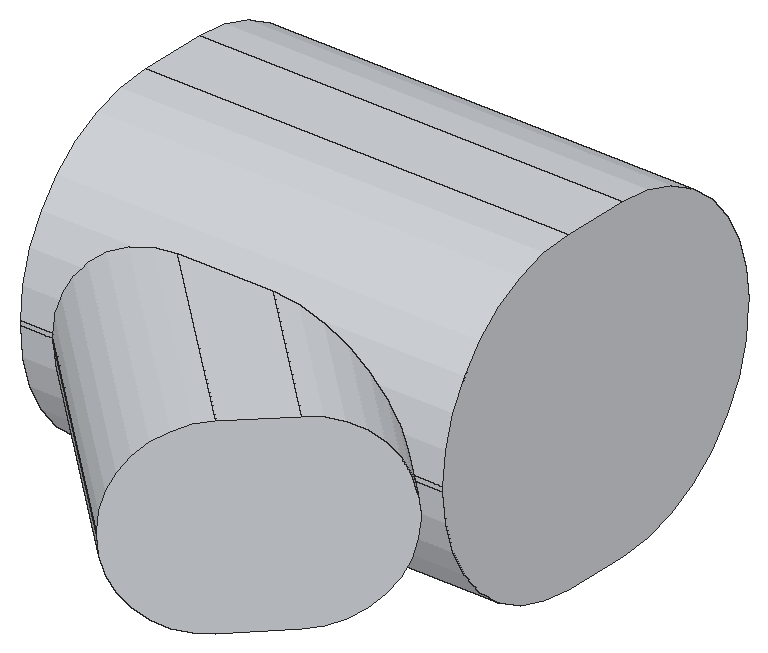
Revit family "椭圆形 T 形三通 - 倾斜", category 风管管件, Revit 2020
Family settings
  圆形连接件大小 = 使用直径
  零件类型 = 斜 T 形三通
  OmniClass 编号 = 23.75.70.14
  OmniClass 标题 = Air Ductwork
  Seek 项目 ID = Oval Tee - Lateral-0000-CAN-ENU
  基于工作平面 = 否
  总是垂直 = 是
  加载时剪切的空心 = 否
  共享 = 否
Parameters (values of type "标准")
  默认高程 = 0 mm
  宽度 2 [instance] = if(角度 1 > 90.00°, 2 * 风管宽度 1, 12 mm)  # 12 mm
  宽度 1 [instance] = if(角度 1 < 90.00°, 2 * 风管宽度 1, 12 mm)  # 600 mm
  长度 7 [instance] = abs(风管长度 1 - 风管长度 2 - 0.5 * 风管宽度 3 * sin(角度 2)) + 长度 6  # 66.289 mm
  长度 6 [instance] = 12 mm
  长度 5 [instance] = 风管长度 3 * sin(角度 1)  # 256.066 mm
  长度 4 [instance] = 长度 1 - 风管长度 3 * cos(角度 1)  # 2743.934 mm
  长度 3 [instance] = if(角度 1 < 90.00°, (长度 1 - 风管长度 2 + 风管长度 1), (长度 1 + 风管长度 2))  # 3016.421 mm
  长度 2 [instance] = if(角度 1 < 90.00°, (长度 1 - 风管长度 2), (长度 1 + 风管长度 2 - 风管长度 1))  # 2683.579 mm
  高度 2 [instance] = if(角度 1 > 90.00°, 2 * 风管高度 1, 12 mm)  # 12 mm
  高度 1 [instance] = if(角度 1 < 90.00°, 2 * 风管高度 1, 12 mm)  # 500 mm
  风管宽度 3 [instance] = 200 mm
  风管宽度 1 [instance] = 300 mm
  长度 1 [instance] = 3000 mm
  风管长度 3 [instance] = if(角度 1 = 90.00°, (0.5 * 风管宽度 1 / sin(角度 2) + 50 mm), (0.5 * 风管宽度 1 / sin(角度 2) + 0.5 * 风管宽度 3 / tan(角度 2) + 50 mm))  # 362.132 mm
  风管长度 2 [instance] = if(角度 1 = 90.00°, (0.5 * 风管宽度 3 / sin(角度 2) + 25 mm), (0.5 * 风管宽度 1 / tan(角度 2) + 0.5 * 风管宽度 3 / sin(角度 2) + 25 mm))  # 316.421 mm
  风管长度 1 [instance] = 风管宽度 3 / sin(角度 2) + 50 mm  # 332.843 mm
  风管高度 3 [instance] = 150 mm
  风管高度 1 [instance] = 250 mm
  角度 2 [instance] = if(角度 1 < 90.00°, 角度 1, (180.00° - 角度 1))  # 45.00°
  角度 1 [instance] = 45.00°
Reference planes
  plane 1 "中心(前/后)": y = 0
  plane 2: z = 0
  plane 3 "中心(左/右)": x = 0
  plane 4: x = -16.421
  plane 5: x = 316.421
  plane 6: y = -256.066
  plane 7: x = 3000
  plane 8: x = 256.066
  plane 9: x = -82.711
  plane 10: x = 382.711
Forms (mm)
  Sweep 1, solid, detail levels medium+fine
    path in 3D
      loop
        line (-16.421, 0, 0) -> (316.421, 0, 0)
    profile "M_风管 - 椭圆形 : 风管 - 椭圆形 1" origin (150, 0, 0) x (0, 1, 0) y (0, 0, 1)
      loop
        line (-150, 1.588) -> (-150, -1.587)
        arc (-150, -1.587) -> (-113.853, -88.853) -> (-26.587, -125) r 123.413
        line (-26.587, -125) -> (26.588, -125)
        arc (26.588, -125) -> (113.853, -88.853) -> (150, -1.587) r 123.413
        line (150, -1.587) -> (150, 1.587)
        arc (150, 1.587) -> (113.853, 88.853) -> (26.588, 125) r 123.413
        line (26.588, 125) -> (-26.588, 125)
        arc (-26.588, 125) -> (-113.853, 88.853) -> (-150, 1.588) r 123.413
  Sweep 2, solid, detail levels medium+fine
    path in 3D
      loop
        line (0, 0, 0) -> (256.066, -256.066, 0)
    profile "M_风管 - 椭圆形 : 风管 - 椭圆形 3" origin (128.033, -128.033, 0) x (0.707107, 0.707107, 0) y (0, 0, 1)
      loop
        line (-100, 1.588) -> (-100, -1.587)
        arc (-100, -1.587) -> (-78.498, -53.498) -> (-26.587, -75) r 73.413
        line (-26.587, -75) -> (26.588, -75)
        arc (26.588, -75) -> (78.498, -53.498) -> (100, -1.587) r 73.413
        line (100, -1.587) -> (100, 1.587)
        arc (100, 1.587) -> (78.498, 53.498) -> (26.588, 75) r 73.413
        line (26.588, 75) -> (-26.588, 75)
        arc (-26.588, 75) -> (-78.498, 53.498) -> (-100, 1.588) r 73.413
  Sweep 3, void
    path in 3D
      loop
        line (-82.711, 0, 0) -> (-16.421, 0, 0)
    profile "M_风管 - 椭圆形 : 风管 - 椭圆形 4" origin (-49.566, 0, 0) x (0, 1, 0) y (0, 0, 1)
      loop
        line (-300, 1.587) -> (-300, -1.587)
        arc (-300, -1.587) -> (-227.242, -177.242) -> (-51.587, -250) r 248.412
        line (-51.587, -250) -> (51.588, -250)
        arc (51.588, -250) -> (227.242, -177.242) -> (300, -1.587) r 248.412
        line (300, -1.587) -> (300, 1.587)
        arc (300, 1.587) -> (227.242, 177.242) -> (51.588, 250) r 248.412
        line (51.588, 250) -> (-51.588, 250)
        arc (-51.588, 250) -> (-227.242, 177.242) -> (-300, 1.587) r 248.412
  Sweep 4, void
    path in 3D
      loop
        line (316.421, 0, 0) -> (382.711, 0, 0)
    profile "M_风管 - 椭圆形 : 风管 - 椭圆形 5" origin (349.566, 0, 0) x (0, 1, 0) y (0, 0, 1)
      loop
        line (-6, 1.588) -> (-6, -1.587)
        arc (-6, -1.587) -> (-4.708, -4.708) -> (-1.587, -6) r 4.412
        line (-1.587, -6) -> (1.588, -6)
        arc (1.588, -6) -> (4.708, -4.708) -> (6, -1.587) r 4.412
        line (6, -1.587) -> (6, 1.588)
        arc (6, 1.588) -> (4.708, 4.708) -> (1.588, 6) r 4.412
        line (1.588, 6) -> (-1.587, 6)
        arc (-1.587, 6) -> (-4.708, 4.708) -> (-6, 1.588) r 4.412
Cuts and joins
  Sweep 3, Sweep 4 cuts Sweep 2
  Sweep 3, Sweep 4 cuts Sweep 1
Lines and regions (mm)
  model lines, detail levels coarse
    curve 1: line (-16.421, 0, 0) -> (316.421, 0, 0)
    curve 3: line (0, 0, 0) -> (256.066, -256.066, 0)
  sketch lines
    curve 2: line (-16.421, 0, 0) -> (316.421, 0, 0)
    curve 4: line (0, 0, 0) -> (256.066, -256.066, 0)
    curve 7: line (-82.711, 0, 0) -> (-16.421, 0, 0)
    curve 8: line (316.421, 0, 0) -> (382.711, 0, 0)
  model lines, not visible
    curve 5: line (-82.711, 0, 0) -> (-16.421, 0, 0)
    curve 6: line (316.421, 0, 0) -> (382.711, 0, 0)
Dimensions and locks
  "长度 1": plane 3 "中心(左/右)" to plane 7
  "长度 3": plane 4 to plane 7
  "长度 2": plane 5 to plane 7
  "长度 5": plane 6 to plane 1 "中心(前/后)"
  "长度 4": plane 8 to plane 7
  "长度 7": plane 9 to plane 4
  "长度 7": plane 5 to plane 10
  aligned and locked: plane 1 "中心(前/后)" to curve 1
  aligned and locked: plane 3 "中心(左/右)" to curve 3
  aligned and locked: plane 1 "中心(前/后)" to curve 3
  aligned and locked: plane 6 to curve 3
  aligned and locked: plane 8 to curve 3
  aligned and locked: plane 1 "中心(前/后)" to curve 5
  aligned and locked: plane 9 to curve 5
  aligned and locked: plane 4 to curve 5
  aligned and locked: plane 5 to curve 6
  aligned and locked: plane 10 to curve 6
Connectors
  hvac at (-16.421, 0, 0), driven by "风管高度 1", driven by "风管宽度 1"
    settings: on cut or joined group of Sweep 1, Sweep 3, Sweep 4, index 1, duct flow 0.0 L/s, flow factor 0, pres drop 0.0 Pa, loss coef 0, conn angle 0.00°, conn width 300 mm, conn height 250 mm, conn diameter 609.6 mm, duct sys type 28, conn prof type 2, flow config 0, flow direction 0, loss method 0, conn ref index 2, conn util no, is conn primary yes, conn desc ""
  hvac at (316.421, 0, 0), driven by "风管高度 1", driven by "风管宽度 1"
    settings: on cut or joined group of Sweep 1, Sweep 3, Sweep 4, index 2, duct flow 0.0 L/s, flow factor 0, pres drop 0.0 Pa, loss coef 0, conn angle 0.00°, conn width 300 mm, conn height 250 mm, conn diameter 609.6 mm, duct sys type 28, conn prof type 2, flow config 0, flow direction 0, loss method 0, conn ref index 1, conn util no, is conn primary no, conn desc ""
  hvac at (256.066, -256.066, 0), driven by "风管高度 3", driven by "风管宽度 3", driven by "角度 1"
    settings: on cut or joined group of Sweep 2, Sweep 3, Sweep 4, index 3, duct flow 0.0 L/s, flow factor 0, pres drop 0.0 Pa, loss coef 0, conn angle 45.00°, conn width 200 mm, conn height 150 mm, conn diameter 609.6 mm, duct sys type 28, conn prof type 2, flow config 0, flow direction 0, loss method 0, conn ref index -1, conn util no, is conn primary no, conn desc ""
